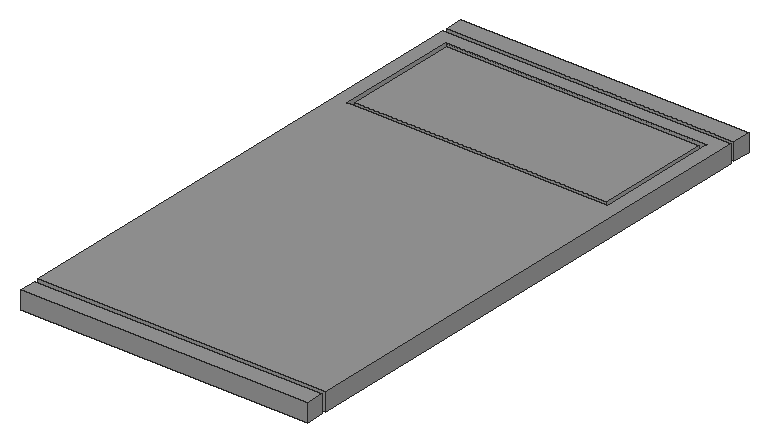
Revit family "KEUCO_44988011701", category Allgemeines Modell, Revit 2016
Family settings
  Teiletyp = Normal
  Kann Basisbauteil für Bewehrung sein = Nein
  Bemaßung runder Anschluss = Durchmesser verwenden
  Arbeitsebenenbasiert = Ja
  Immer vertikal = Nein
  Beim Laden mit Abzugskörper schneiden = Nein
  Gemeinsam genutzt = Nein
  Raumberechnungspunkt = Nein
Parameters (values of type "44988015101")
  Verwendung = "WP"  # constant formula
  Preisgruppe = ""
  Kategorie = ""
  Gewicht = 0
  Breite = 326 mm  # constant formula
  URL = "https://www.keuco.com/de/produkte/sortiment/artikel/?pid=44988&oid=1&pgo=3&country=de&lang=de&vid=44988015101"
  Materialien bei Hersteller anfragen = "Anfrage zu:  objektmanagement@keuco.de"
  Material = Stahl, verchromt
  Höhe = 625 mm  # constant formula
  Beschreibung = "für die Wandeinbau-Montage\r\nFront: Aluminium lackiert\r\nwahlweise Aluminium silber (RAL 9006) oder weiß (RAL 9010)\r\nWandeinbaukorpus: Stahlblech verzinkt und lackiert\r\n\r\nkomplett, bestehend aus:\r\n- Abfallsammler"
  Default Elevation = 1219.2 mm
  Serie = "Plan"  # constant formula
  Material Tür = Aluminium 1100-H18
  Hersteller = "KEUCO"  # constant formula
  Assembly Code = ""
  Ausschreibungstext = "KEUCO PLAN INTEGRAL Waschtisch Modul 1, 44988015101 \r\nfür die Wandeinbau-Montage\r\nzeitloses Waschtisch Modul in funktionellem Design\r\n\r\nKorpus:\r\nStahlblech, gekantet, \r\nverzinkt und pulverbeschichtet (RAL 9006 Aluminium silber), \r\nMontagelöcher seitlich, Deckblenden aus Zinkdruckguss, verchromt\r\n\r\nTür:\r\nAluminium lackiert (RAL 9010 weiß), \r\nlinks angeschlagen, mit verdeckter Griffmulde, \r\nmit Öffnungssperre und verdeckt integriertem Lösemechanismus, \r\nmit Durchwurf-Öffnung und Klappenverschluss\r\n\r\nkomplett, bestehend aus:\r\n- Abfallsammler und einer im Innenraum angebrachten\r\n  Aufnahme für einen PE-Abfallbeutel in der Größe \r\n  48 x 60 cm ohne Grifflaschen (20 l, Mindestlänge 48 cm)\r\n\r\n\r\nAußenmaße: Höhe 625 mm, Breite 326 mm, Tiefe 143 mm\r\n\r\nAusschnittsmaße: Höhe 602 mm, Breite 302 mm, Tiefe 125 mm"
  Artikelnummer = "44988015101"
Types (4, lengths in mm): name | URL | Materialien bei Hersteller anfragen | Material Tür | Ausschreibungstext | Artikelnummer
  44988011701 | "https://www.keuco.com/de/produkte/sortiment/artikel/?pid=44988&oid=1&pgo=3&country=de&lang=de&vid=44988011701" | "Request to:  objektmanagement@keuco.de" | Aluminium 1100-H18 | "KEUCO PLAN INTEGRAL Waschtisch Modul 1, 44988011701 \r\nfür die Wandeinbau-Montage\r\nzeitloses Waschtisch Modul in funktionellem Design\r\n\r\nKorpus:\r\nStahlblech, gekantet, \r\nverzinkt und pulverbeschichtet (RAL 9006 Aluminium silber), \r\nMontagelöcher seitlich, Deckblenden aus Zinkdruckguss, verchromt\r\n\r\nTür:\r\nAluminium lackiert (RAL 9006 Aluminium silber), \r\nlinks angeschlagen, mit verdeckter Griffmulde, \r\nmit Öffnungssperre und verdeckt integriertem Lösemechanismus, \r\nmit Durchwurf-Öffnung und Klappenverschluss\r\n\r\nkomplett, bestehend aus:\r\n- Abfallsammler und einer im Innenraum angebrachten\r\n  Aufnahme für einen PE-Abfallbeutel in der Größe \r\n  48 x 60 cm ohne Grifflaschen (20 l, Mindestlänge 48 cm)\r\n\r\n\r\nAußenmaße: Höhe 625 mm, Breite 326 mm, Tiefe 143 mm\r\n\r\nAusschnittsmaße: Höhe 602 mm, Breite 302 mm, Tiefe 125 mm" | "44988011701"
  44988011702 | "https://www.keuco.com/de/produkte/sortiment/artikel/?pid=44988&oid=1&pgo=3&country=de&lang=de&vid=44988011702" | "Request to:  objektmanagement@keuco.de" | Aluminium 1100-H18 | "KEUCO PLAN INTEGRAL Waschtisch Modul 1, 44988011702 \r\nfür die Wandeinbau-Montage\r\nzeitloses Waschtisch Modul in funktionellem Design\r\n\r\nKorpus:\r\nStahlblech, gekantet, \r\nverzinkt und pulverbeschichtet (RAL 9006 Aluminium silber), \r\nMontagelöcher seitlich, Deckblenden aus Zinkdruckguss, verchromt\r\n\r\nTür:\r\nAluminium lackiert (RAL 9006 Aluminium silber), \r\nrechts angeschlagen, mit verdeckter Griffmulde, \r\nmit Öffnungssperre und verdeckt integriertem Lösemechanismus, \r\nmit Durchwurf-Öffnung und Klappenverschluss\r\n\r\nkomplett, bestehend aus:\r\n- Abfallsammler und einer im Innenraum angebrachten\r\n  Aufnahme für einen PE-Abfallbeutel in der Größe \r\n  48 x 60 cm ohne Grifflaschen (20 l, Mindestlänge 48 cm)\r\n\r\n\r\nAußenmaße: Höhe 625 mm, Breite 326 mm, Tiefe 143 mm\r\n\r\nAusschnittsmaße: Höhe 602 mm, Breite 302 mm, Tiefe 125 mm" | "44988011702"
  44988015101 | "https://www.keuco.com/de/produkte/sortiment/artikel/?pid=44988&oid=1&pgo=3&country=de&lang=de&vid=44988015101" | "Anfrage zu:  objektmanagement@keuco.de" | Aluminium 1100-H18 | "KEUCO PLAN INTEGRAL Waschtisch Modul 1, 44988015101 \r\nfür die Wandeinbau-Montage\r\nzeitloses Waschtisch Modul in funktionellem Design\r\n\r\nKorpus:\r\nStahlblech, gekantet, \r\nverzinkt und pulverbeschichtet (RAL 9006 Aluminium silber), \r\nMontagelöcher seitlich, Deckblenden aus Zinkdruckguss, verchromt\r\n\r\nTür:\r\nAluminium lackiert (RAL 9010 weiß), \r\nlinks angeschlagen, mit verdeckter Griffmulde, \r\nmit Öffnungssperre und verdeckt integriertem Lösemechanismus, \r\nmit Durchwurf-Öffnung und Klappenverschluss\r\n\r\nkomplett, bestehend aus:\r\n- Abfallsammler und einer im Innenraum angebrachten\r\n  Aufnahme für einen PE-Abfallbeutel in der Größe \r\n  48 x 60 cm ohne Grifflaschen (20 l, Mindestlänge 48 cm)\r\n\r\n\r\nAußenmaße: Höhe 625 mm, Breite 326 mm, Tiefe 143 mm\r\n\r\nAusschnittsmaße: Höhe 602 mm, Breite 302 mm, Tiefe 125 mm" | "44988015101"
  44988015102 | "https://www.keuco.com/de/produkte/sortiment/artikel/?pid=44988&oid=1&pgo=3&country=de&lang=de&vid=44988015102" | "Request to:  objektmanagement@keuco.de" | Weiß (RAL 9010) | "KEUCO PLAN INTEGRAL Waschtisch Modul 1, 44988015102 \r\nfür die Wandeinbau-Montage\r\nzeitloses Waschtisch Modul in funktionellem Design\r\n\r\nKorpus:\r\nStahlblech, gekantet, \r\nverzinkt und pulverbeschichtet (RAL 9006 Aluminium silber), \r\nMontagelöcher seitlich, Deckblenden aus Zinkdruckguss, verchromt\r\n\r\nTür:\r\nAluminium lackiert (RAL 9010 weiß), \r\nrechts angeschlagen, mit verdeckter Griffmulde, \r\nmit Öffnungssperre und verdeckt integriertem Lösemechanismus, \r\nmit Durchwurf-Öffnung und Klappenverschluss\r\n\r\nkomplett, bestehend aus:\r\n- Abfallsammler und einer im Innenraum angebrachten\r\n  Aufnahme für einen PE-Abfallbeutel in der Größe \r\n  48 x 60 cm ohne Grifflaschen (20 l, Mindestlänge 48 cm)\r\n\r\n\r\nAußenmaße: Höhe 625 mm, Breite 326 mm, Tiefe 143 mm\r\n\r\nAusschnittsmaße: Höhe 602 mm, Breite 302 mm, Tiefe 125 mm" | "44988015102"
Reference planes
  plane 1 "Center (Front/Back)": y = 0
  plane 2: z = 0
  plane 3 "Center (Left/Right)": x = 0
  plane 4: y = 625
  plane 5: z = 0
  plane 6: x = -163
  plane 7: z = 20
  plane 8: y = 312.5
  plane 9: y = 604.898
  plane 10: y = 20.102
  plane 11: y = 599.898
  plane 12: y = 25.102
  plane 13: x = 163
  plane 14: y = 584.898
  plane 15: y = 444.898
  plane 16: x = -75
  plane 17: x = 75
  plane 18: x = -148
  plane 19: x = 148
  plane 20: y = 579.898
  plane 21: x = 143
  plane 22: y = 449.898
  plane 23: x = -143
Forms (mm)
  Extrusion 1, solid, material "Stahl, verchromt" <- "Material"
    sketch origin (0, 0, 0) x (1, 0, 0) y (0, 1, 0)
      loop
        line (-163, 625) -> (-163, 604.898) -> (163, 604.898) -> (163, 625) -> (-163, 625)
    from 0 to 20
  Extrusion 2, solid, material "Stahl, verchromt" <- "Material"
    sketch origin (0, 775, 0) x (1, 0, 0) y (0, 1, 0)
      loop
        line (-163, -775) -> (163, -775) -> (163, -754.898) -> (-163, -754.898) -> (-163, -775)
    from 0 to 20
  Extrusion 3, solid, material "Aluminium 1100-H18" <- "Material Tür"
    sketch origin (0, 0, 0) x (1, 0, 0) y (0, 1, 0)
      loop
        line (-163, 599.898) -> (-163, 25.102) -> (163, 25.102) -> (163, 599.898) -> (-163, 599.898)
    from 0 to 20
  Extrusion 4, void
    sketch origin (0, 0, 0) x (1, 0, 0) y (0, 1, 0)
      loop
        line (-148, 584.898) -> (-148, 444.898) -> (148, 444.898) -> (148, 584.898) -> (-148, 584.898)
    from 0 to 250
  Extrusion 5, solid, material "Aluminium 1100-H18" <- "Material Tür"
    sketch origin (0, 0, 0) x (1, 0, 0) y (0, 1, 0)
      loop
        line (-143, 579.898) -> (-143, 449.898) -> (143, 449.898) -> (143, 579.898) -> (-143, 579.898)
    from 0 to 20
Cuts and joins
  Extrusion 4 cuts Extrusion 3
Dimensions and locks
  plane 5 to plane 2 = 0 mm
  "Höhe": plane 1 "Center (Front/Back)" to plane 4
  plane 7 to plane 5 = 20 mm
  equal spacing: plane 4, plane 8, plane 1 "Center (Front/Back)"
  locked: plane 4 to plane 9 at 20.102
  locked: plane 1 "Center (Front/Back)" to plane 10 at 20.102
  plane 9 to plane 11 = 5 mm
  plane 10 to plane 12 = 5 mm
  "Breite": plane 6 to plane 13
  plane 3 "Center (Left/Right)" to plane 13 = 163 mm
  equal spacing: plane 6, plane 3 "Center (Left/Right)", plane 13
  plane 11 to plane 14 to plane 15 = 15 mm, 140 mm
  equal spacing: plane 16, plane 3 "Center (Left/Right)", plane 17
  plane 16 to plane 17 = 150 mm
  equal spacing: plane 18, plane 3 "Center (Left/Right)", plane 19
  plane 18 to plane 19 = 296 mm
  plane 18 to plane 23 = 5 mm
  plane 21 to plane 19 = 5 mm
  plane 15 to plane 22 = 5 mm
  plane 14 to plane 20 = 5 mm
  aligned and locked: level to plane 2
  aligned and locked: Extrusion 1 to plane 9
  aligned and locked: Extrusion 1 to plane 6
  aligned and locked: plane 4 to Extrusion 1
  aligned and locked: plane 10 to Extrusion 2
  aligned and locked: Extrusion 2 to plane 10
  aligned and locked: plane 1 "Center (Front/Back)" to Extrusion 2
  aligned and locked: Extrusion 3 to plane 12
  aligned and locked: Extrusion 3 to plane 6
  aligned and locked: plane 5 to Extrusion 1
  aligned and locked: plane 5 to Extrusion 3
  aligned and locked: plane 5 to Extrusion 2
  aligned and locked: plane 7 to Extrusion 2
  aligned and locked: plane 7 to Extrusion 3
  aligned and locked: plane 7 to Extrusion 1
  aligned and locked: plane 11 to Extrusion 3
  aligned and locked: Extrusion 1 to plane 13
  aligned and locked: Extrusion 3 to plane 13
  aligned and locked: Extrusion 2 to plane 13
  aligned and locked: Extrusion 2 to plane 6
  aligned and locked: cut or joined group of Extrusion 3, Extrusion 4 to plane 19
  aligned and locked: plane 14 to cut or joined group of Extrusion 3, Extrusion 4
  aligned and locked: plane 18 to cut or joined group of Extrusion 3, Extrusion 4
  aligned and locked: cut or joined group of Extrusion 3, Extrusion 4 to plane 15
  aligned and locked: plane 23 to Extrusion 5
  aligned and locked: plane 20 to Extrusion 5
  aligned and locked: Extrusion 5 to plane 21
  aligned and locked: plane 22 to Extrusion 5
  aligned and locked: plane 7 to Extrusion 5
  aligned and locked: plane 5 to Extrusion 5
Automatic sketch dimensions
  Extrusion 1 sketch curve to plane 6 = 0 mm
  Extrusion 1 sketch curve to plane 9 = 0 mm
  Extrusion 1 sketch curve to plane 4 = 0 mm
  Extrusion 2 sketch curve to plane 6 = 0 mm
  Extrusion 2 sketch curve to plane 10 = 0 mm
  plane 1 "Center (Front/Back)" to Extrusion 2 sketch curve = 0 mm
  plane 6 to Extrusion 3 sketch curve = 0 mm
  Extrusion 3 sketch curve to plane 12 = 0 mm
  plane 8 to Extrusion 3 sketch curve = 287.398 mm
  plane 3 "Center (Left/Right)" to Extrusion 1 sketch curve = 163 mm
  Extrusion 2 sketch curve to plane 3 "Center (Left/Right)" = 163 mm
  plane 3 "Center (Left/Right)" to Extrusion 3 sketch curve = 163 mm
  Extrusion 4 sketch curve to plane 16 = 73 mm
  Extrusion 4 sketch curve to plane 17 = 73 mm
  plane 15 to Extrusion 4 sketch curve = 0 mm
  Extrusion 4 sketch curve to plane 14 = 0 mm
  Extrusion 5 sketch curve to plane 16 = 68 mm
  Extrusion 5 sketch curve to plane 17 = 68 mm
  plane 15 to Extrusion 5 sketch curve = 5 mm
  Extrusion 5 sketch curve to plane 14 = 5 mm
